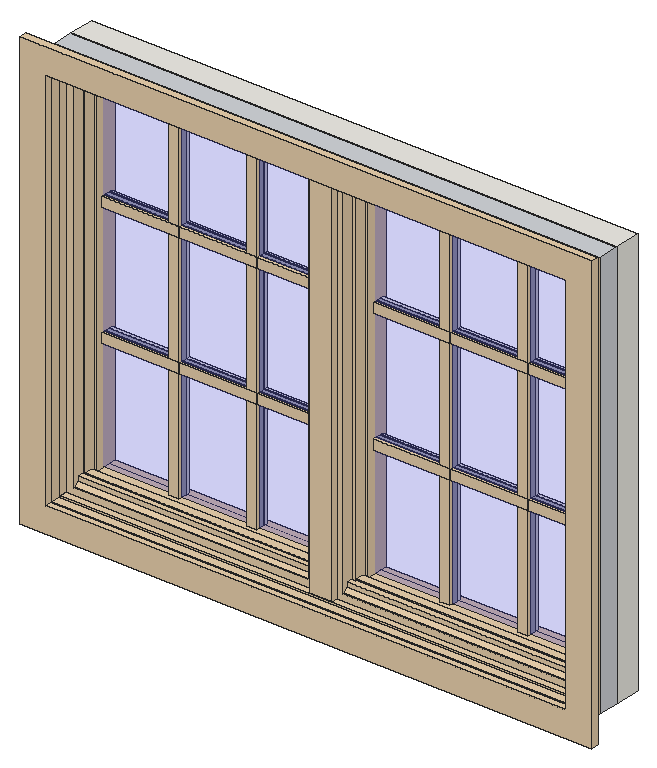
Revit family "1 Window-Casement-Andersen-400_Series_Twin", category Windows, host Wall, Revit 2014
Parameters
  XPanelWidth = (Width / 2) - 0' 0 107/128"  # 1' - 11 21/128"
  XPanelHeight = Height - 0' 1 1/8"  # 2' - 10 7/8"
  Visual Light Transmittance = 0.48  # constant formula
  Thermal Resistance (R) = 0.62871  # 3.5700 (h·ft²·°F)/BTU
  TFL = if(Fractional Lights High > 5, 3, if(or(Fractional Lights High = 4, Fractional Lights High = 5), 2, if(or(Fractional Lights High = 2, Fractional Lights High = 3), 1, 1)))  # 2
  TFB = TFL - 1  # 1
  Solar Heat Gain Coefficient = 0.21  # constant formula
  Learn About These Parameters = "http://www.andersenwindows.com/for-professionals/cad-symbols-bim-support-window-doors/bim-support"
  LWide = if(Enter Pattern Number = 3, 3, if(Enter Pattern Number = 1, . . Lights Wide, Fractional Lights Wide))  # 3
  Heat Transfer Coefficient (U) = 1.5899  # 0.2800 BTU/(h·ft²·°F)
  Glazing Material = Glass ‐ Andersen - Low-E4 SmartSun
  Fractional Lights Wide = 3
  Fractional Lights High = 5
  Exterior Unit Finish = Vinyl - Andersen - White
  Enter Jamb Condition = 1
  Analytic Construction = "<None>"
  ..Jamb Condition Number 1 = "Extension Jamb Only"  # constant formula
  ..Jamb Condition Number 2 = "Narrow Drywall Return"  # constant formula
  ..Jamb Condition Number 3 = "Wide Drywall Return"  # constant formula
  Available Grille Bar Sizes = "3/4'', 7/8'', 1 1/8'', 2 1/4''"  # constant formula
  Between Glass Grille Bar Sizes = "3/4'', 1''"  # constant formula
  Interior Casing = yes
  Grille Bar Size = 0' - 0 7/8"
  Enter Pattern Number = 1
  ..Pattern Number 1 = "Colonial"  # constant formula
  . . Lights Wide = 3
  . . Lights High = 3
  ..Pattern Number 2 = "Modified Colonial"  # constant formula
  ..Pattern Number 3 = "Prairie"  # constant formula
  ..Pattern Number 4 = "Short Fractional"  # constant formula
  ..Pattern Number 5 = "Tall Fractional"  # constant formula
  Extension Jamb = yes
  Enter Exterior Trim Number = 0
  ..Exterior Trim Number 0 = "No Exterior Trim"  # constant formula
  ..Exterior Trim Number 1 = "Brick Mould"  # constant formula
  ..Exterior Trim Number 2 = "3 1/2'' Flat Casing"  # constant formula
  ..Exterior Trim Number 3 = "4 1/2'' Flat Casing"  # constant formula
  Interior Grille Bar = yes
  Exterior Grille Bar = yes
  Between Glass Grille Bar = yes
  xjamb Visibility [instance] = and(and(Enter Jamb Condition = 1, Wall Depth > 0' 2 7/8"), Extension Jamb)  # yes
  xjamb S1 [instance] = if(Wall Depth > 0' 3", Wall Depth - 0' 2 27/32", 0' 3")  # 0' - 1 23/32"
  sill nose1 = 0' - 1 13/16"  # constant formula
  sill nose 2 = 0' - 1 15/16"  # constant formula
  casingS2 = if(Enter Exterior Trim Number = 1, 0' 0 3/16", 0' 0 3/16")  # 0' - 0 3/16"
  casingS1 = if(Enter Exterior Trim Number = 1, 0' 0 7/16", 0' 0 3/16")  # 0' - 0 3/16"
  casing4 = if(Enter Exterior Trim Number = 1, 0' 1 3/4", if(Enter Exterior Trim Number = 2, 0' 3 1/4", 0' 4 1/4"))  # 0' - 4 1/4"
  casing3 = 0' - 0 1/2"  # constant formula
  casing2 = 0' - 0 7/8"  # constant formula
  casing1 = 0' - 0 1/4"  # constant formula
  Xjamb 2 = if(or(Enter Jamb Condition = 2, Enter Jamb Condition = 3), 0' 0 1/32", 0' 0 1/2")  # 0' - 0 1/2"
  Xjamb 1 = if(or(Enter Jamb Condition = 2, Enter Jamb Condition = 3), 0' 0 5/8", 0' 1 3/32")  # 0' - 1 3/32"
  Wall Thickness [instance] = 0' - 6"
  Wall Depth [instance] = 0' - 4 9/16"
  Void Offset 2 = if(Enter Exterior Trim Number > 0, 0' 1 15/16", 0' 0")  # 0' - 0"
  Void Offset 1 = if(Enter Exterior Trim Number > 0, casing4, 0' 0")  # 0' - 0"
  Void Depth [instance] = if(Wall Thickness > Wall Depth, 0' 1" + Wall Thickness - Wall Depth, 0' 1")  # 0' - 2 7/16"
  VeriLock Sensor [instance] = no
  VGB DLO = if(Enter Pattern Number = 3, 0' 4", (H DLO - (Grille Bar Size * (V Bars))) / if(LWide > 2, LWide, 3))  # 1' - 1.91667"
  V Bars = if(Enter Pattern Number = 3, 2, if(LWide > 2, LWide - 1, 2))  # 2
  URL = "www.andersenwindows.com"
  Type Comments = "Vinyl-clad wood casement window"
  TS V DLO = Height - HGO - SGO  # 2' - 7 3/8"
  TS V Bar Length = if(or(Enter Pattern Number = 5, Enter Pattern Number = 2), ((((Height - HGO - SGO - (Grille Bar Size * (Fractional Lights High - 1))) / Fractional Lights High)) * TFL) + (TFB * Grille Bar Size), if(Enter Pattern Number = 4, ((Height - HGO - SGO - (Grille Bar Size * (Fractional Lights High - 1))) / Fractional Lights High), Height - HGO - SGO))  # 2' - 7 3/8"
  TS SH DLO = if(or(Enter Pattern Number = 5, Enter Pattern Number = 2), ((((Height - HGO - SGO - (Grille Bar Size * (Fractional Lights High - 1))) / Fractional Lights High)) * TFL) + (TFB * Grille Bar Size) + HGO + (Grille Bar Size / 2), if(Enter Pattern Number = 4, TS V Bar Length + HGO + (Grille Bar Size / 2), (TS V DLO / 2) + HGO))  # 1' - 6 1/16"
  TS S V = or(and(LWide = 2, Enter Pattern Number = 1), and(Fractional Lights Wide = 2, or(or(Enter Pattern Number = 2, Enter Pattern Number = 4), Enter Pattern Number = 5)))  # no
  TS S H Craftsman = and(Enter Pattern Number = 2, or(Fractional Lights High = 4, Fractional Lights High = 5))  # no
  TS S H = or(or(or(and(. . Lights High = 2, Enter Pattern Number = 1), and(Enter Pattern Number = 4, Fractional Lights High > 1)), and(Enter Pattern Number = 5, Fractional Lights High > 1)), and(Enter Pattern Number = 2, Fractional Lights High > 1))  # no
  TS M V = LWide > 2  # yes
  TS M H = or(or(Enter Pattern Number = 3, and(. . Lights High > 2, Enter Pattern Number = 1)), and(Enter Pattern Number = 2, Fractional Lights High > 5))  # yes
  TS HGB DLO = if(Enter Pattern Number = 1, if(. . Lights High > 2, ((TS V Bar Length - (Grille Bar Size * (. . Lights High - 1))) / . . Lights High), 0' 4"), if(Enter Pattern Number = 3, 0' 4", if(Fractional Lights High > 2, ((TS V Bar Length - (Grille Bar Size * 2)) / 3), 0' 4")))  # 0' - 9 7/8"
  TS H Bars = if(Enter Pattern Number = 3, 2, if(Enter Pattern Number = 1, if(. . Lights High > 2, . . Lights High - 1, 2), 2))  # 2
  Step Visibility = or(Enter Jamb Condition = 2, Enter Jamb Condition = 3)  # no
  Step Jamb2 = if(Enter Jamb Condition = 2, 0' 0 1/4", 0' 0 13/16")  # 0' - 0 13/16"
  Step Jamb1 = 0' - 1 1/8"  # constant formula
  Sill Stop Dim [instance] = 0' - 2 1/2"
  SGO = 0' - 2 1/4"  # constant formula
  Rough Width = Width + (Rough Opening Offset * 2)  # 4' - 0 1/2"
  Rough Opening Offset = 0' - 0 1/4"
  Rough Height = Height + (Rough Opening Offset * 2)  # 3' - 0 1/2"
  Push Out Stop Visibility [instance] = no
  Product Documentation Link = "https://www.andersenwindows.com/windows-and-doors/windows/casement-windows/400-series-casement-window/"
  Plan Exterior Mask Visibility [instance] = Plan Exterior Mask 2 > 0' 0 1/32"  # yes
  Plan Exterior Mask 2 [instance] = if(Enter Exterior Trim Number > 0, if(Wall Depth + 0' 1 1/16" + casingS1 > Wall Thickness, 0' 0 1/32", Wall Thickness - Wall Depth - 0' 1 1/16" - casingS1), if(Wall Depth + 0' 1 1/16" > Wall Thickness, 0' 0 1/32", Wall Thickness - Wall Depth - 0' 0 1/16"))  # 0' - 1 3/8"
  Plan Exterior Mask [instance] = if(Enter Exterior Trim Number > 0, 0' 1 1/16" + casingS1, 0' 1 1/16")  # 0' - 1 1/16"
  Nail Fin Visibility = Enter Exterior Trim Number = 0  # yes
  Model = "400-Series Casement"  # constant formula
  Masonry Width = if(Enter Exterior Trim Number > 0, Width + ((casing4 + Masonry Opening Offset) * 2), Width + (Masonry Opening Offset * 2))  # 4' - 0 1/2"
  Masonry Opening Offset = 0' - 0 1/4"
  Masonry Height = if(Enter Exterior Trim Number > 0, Height + (casing4 + Masonry Opening Offset) + (sill nose 2 + Masonry Opening Offset), Height + (Masonry Opening Offset * 2))  # 3' - 0 1/2"
  Manufacturer = "Andersen Corporation"  # constant formula
  JGO = 0' - 2 1/4"  # constant formula
  Interior Trim Visibility = and(Enter Jamb Condition = 1, Interior Casing)  # yes
  Interior Material = Wood - Andersen - Pine
  Interior Casing Size = 0' - 2 1/4"
  Horizontal Craftsman Bar Size = 0' - 0 7/8"
  Height = 3' - 0"
  Head Stop Dim [instance] = 0' - 2 17/64"
  HGO = 0' - 2 3/8"  # constant formula
  H DLO = Width - (JGO * 2)  # 3' - 7 1/2"
  Family Version = "01.01.19"  # constant formula
  Exterior Trim Finish = Fibrex Composite - Andersen - White
  Designation = "CMT"
  Description = "Vinyl-clad wood casement window"  # constant formula
  Default Sill Height = 6' 10 1/2" - Rough Height  # 3' - 10"
  Wall Closure = By host
  Width = 4' - 0"
  Crank Out Stop Visibility [instance] = yes
  Coarse Plan [instance] = if(Wall Depth < Wall Thickness, Wall Depth, Wall Thickness)  # 0' - 4 9/16"
  Casing Visibility = Enter Exterior Trim Number > 0  # no
  Between Glass Grille Bar Finish = Stainless Steel - Andersen - Standard
  Bar Center Line = if(Enter Pattern Number = 3, 1, 2)  # 2
  Assembly Code = "B2020100"
Reference planes (in)
  plane 1 "Center (Front/Back)": y = 0
  plane 2: z = 0
  plane 3 "Center (Left/Right)": x = 0
  plane 4 "R Frame": x = -24
  plane 5 "L Frame": x = 24
  plane 6 "B Frame": z = 46.25
  plane 7 "T Frame": z = 82.25
  plane 8 "L Glazing": x = 21.75
  plane 9 "L Ext Frame": x = 23.514
  plane 10 "L Stop": x = 22
  plane 11 "L Xjamb 1": x = 22.90625
  plane 12 "L Casing 1": x = 23.75
  plane 13 "L Xjamb 2": x = 23.5
  plane 14 "L Rough Opening": x = 24.25
  plane 15 "L Casing 2": x = 27.375
  plane 16 "L Casing 3": x = 27.75
  plane 17 "L Casing 4": x = 28.25
  plane 18 "R Glazing": x = -21.75
  plane 19 "R Ext Frame": x = -23.514
  plane 20 "R Stop": x = -22
  plane 21 "R Xjamb 1": x = -22.90625
  plane 22 "R Casing 1": x = -23.75
  plane 23 "R Xjamb 2": x = -23.5
  plane 24 "R Rough Opening": x = -24.25
  plane 25 "R Casing 2": x = -27.375
  plane 26 "R Casing 3": x = -27.75
  plane 27 "R Casing 4": x = -28.25
  plane 28 "R Int Casing": x = -25.15625
  plane 29 "T Ext Frame": z = 81.68689
  plane 30 "T Xjamb 1": z = 81.15625
  plane 31 "T Casing 1": z = 82
  plane 32 "T Xjamb 2": z = 81.75
  plane 33 "T Rough Opening": z = 82.5
  plane 34 "T Casing 2": z = 85.625
  plane 35 "T Casing 3": z = 86
  plane 36 "T Casing 4": z = 86.5
  plane 37 "T Int Casing": z = 83.40625
  plane 38 "B Ext Frame": z = 46.81311
  plane 39 "B Xjamb 2": z = 46.75
  plane 40 "B Casing 1": z = 46.5
  plane 41 "B Casing 2": z = 44.3125
  plane 42 "B Int Casing": z = 44.985
  plane 43 "L Int Casing": x = 25.15625
  plane 44 "Casing S1": y = 3.062
  plane 45 "Casing S2": y = 3.062
  plane 46 "Frame S1": y = 2.8745
  plane 47 "Flange": y = 1.5625
  plane 48 "Sash1 S2": y = 0.5625
  plane 49 "Frame S2": y = -1.2855
  plane 50 "B Xjamb 1": z = 47.235
  plane 51 "Exterior Offset": y = 4
  plane 52 "Interior Casing": y = -3.625
  plane 53 "B Rough Opening": z = 46
  plane 54 "R Masonry Opening": x = -28.5
  plane 55 "L Masonry Opening": x = 28.5
  plane 56 "T Masonry Opening": z = 86.75
  plane 57 "B Masonry Opening": z = 44.0625
  plane 58 "Xjamb S1": y = -1.28125
  plane 59 "R Sash": x = -23.42
  plane 60 "L Sash": x = 23.42
  plane 61 "Stop S1": y = -1.4375
  plane 62 "T Sash": z = 81.5
  plane 63 "T Int Frame": z = 81.14
  plane 64 "B Int Frame": z = 47.235
  plane 65 "L Int Frame": x = 22.891
  plane 66 "R Int Frame": x = -22.891
  plane 67 "T Stop": z = 79.98437
  plane 68 "B Stop": z = 48.75
Forms (in)
  Extrusion 1, void
    sketch origin (0, 0, 0) x (1, 0, 0) y (0, 0, 1)
      loop
        line (24, 82.25) -> (-24, 82.25) -> (-24, 46.25) -> (24, 46.25) -> (24, 82.25)
    from -1.5625 to 3
  Extrusion 2, void
    sketch origin (0, 0, 0) x (1, 0, 0) y (0, 0, 1)
      loop
        line (24, 82.25) -> (-24, 82.25) -> (-24, 46.25) -> (24, 46.25) -> (24, 82.25)
    from -15 to -1.5625
  Extrusion 3, solid, material "Wood - Andersen - Pine" <- "Interior Material", visible <- "xjamb Visibility", detail levels medium+fine
    sketch origin (0, -2.5625, 0) x (-1, 0, 0) y (0, 0, 1)
      loop
        line (23.5, 81.75) -> (-23.5, 81.75) -> (-23.5, 46.75) -> (23.5, 46.75) -> (23.5, 81.75)
      loop
        line (22.90625, 81.15625) -> (-22.90625, 81.15625) -> (-22.90625, 47.235) -> (22.90625, 47.235) -> (22.90625, 81.15625)
    from 1.28125 to -0.4375
  Extrusion 4, solid, material "Wood - Andersen - Pine" <- "Interior Material", visible <- "Interior Trim Visibility", detail levels fine
    sketch origin (0, -3.625, 0) x (-1, 0, 0) y (0, 0, 1)
      loop
        line (25.15625, 83.40625) -> (-25.15625, 83.40625) -> (-25.15625, 44.985) -> (25.15625, 44.985) -> (25.15625, 83.40625)
      loop
        line (22.90625, 81.15625) -> (-22.90625, 81.15625) -> (-22.90625, 47.235) -> (22.90625, 47.235) -> (22.90625, 81.15625)
    from 0 to 0.625
  Extrusion 5, solid, material "Fibrex Composite - Andersen - White" <- "Exterior Trim Finish", visible <- "Casing Visibility", detail levels medium+fine
    sketch origin (0, 0, 0) x (0, 1, 0) y (0, 0, 1)
      loop
        line (2.31163, 46.25) -> (1.5625, 46.25) -> (1.5625, 44.3125) -> (3.375, 44.3125) -> (3.375, 46.0625) -> (2.31163, 46.25)
    from -28.25 to 28.25
  Sweep 6, solid, material "Fibrex Composite - Andersen - White" <- "Exterior Trim Finish", visible <- "Casing Visibility", detail levels medium+fine
    path origin (0, 1.5625, 0) x (-1, 0, 0) y (0, 0, 1)
      loop
        line (-28.25, 44.3125) -> (-28.25, 86.5) -> (28.25, 86.5) -> (28.25, 44.3125)
    profile origin (28.25, 1.5625, 65.40625) x (1, 0, 0) y (0, 1, 0)
      loop
        line (-0.875, 1.4995) -> (-4.5, 1.4995) -> (-4.5, 0) -> (0, 0) -> (0, 1.4995) -> (-0.5, 1.4995) -> (-0.875, 1.4995)
  Extrusion 7, solid, material "Fibrex Composite - Andersen - White" <- "Exterior Trim Finish", visible <- "Casing Visibility", detail levels coarse
    sketch origin (0, 1.5625, 0) x (-1, 0, 0) y (0, 0, 1)
      loop
        line (-28.25, 86.5) -> (-28.25, 44.3125) -> (28.25, 44.3125) -> (28.25, 86.5) -> (-28.25, 86.5)
      loop
        line (-23.75, 82) -> (-23.75, 46.25) -> (23.75, 46.25) -> (23.75, 82) -> (-23.75, 82)
    from 0 to 1.4995
  Extrusion 8, solid, material "Vinyl - Andersen - White" <- "Exterior Unit Finish"
    sketch origin (0, 0, 0) x (1, 0, 0) y (0, 0, 1)
      loop
        line (24, 82.25) -> (-24, 82.25) -> (-24, 46.25) -> (24, 46.25) -> (24, 82.25)
      loop
        line (23.514, 81.68689) -> (-23.514, 81.68689) -> (-23.514, 46.81311) -> (23.514, 46.81311) -> (23.514, 81.68689)
    from -2.8745 to -0.5625
  Extrusion 9, solid
    sketch origin (0, 0, 0) x (1, 0, 0) y (0, 0, 1)
      loop
        line (24, 82.25) -> (-24, 82.25) -> (-24, 46.25) -> (24, 46.25) -> (24, 82.25)
      loop
        line (22.891, 81.14) -> (-22.891, 81.14) -> (-22.891, 47.235) -> (22.891, 47.235) -> (22.891, 81.14)
    from -0.5625 to 1.2855
  Extrusion 10, solid, material "Wood - Andersen - Pine" <- "Interior Material"
    sketch origin (0, 0, 0) x (0, 1, 0) y (0, 0, 1)
      loop
        line (-0.4375, 48.75) -> (-0.4375, 48.673) -> (-1.00544, 48.673) -> (-1.00544, 48.26216) -> (-1.2885, 47.922) -> (-1.4375, 47.922) -> (-1.4375, 47.235) -> (0.5625, 47.235) -> (0.5625, 48.47) -> (0.2955, 48.75) -> (-0.4375, 48.75)
    from -22.891 to 22.891
  Extrusion 11, solid, material "Wood - Andersen - Pine" <- "Interior Material"
    sketch origin (0, 0, 0) x (1, 0, 0) y (0, 1, 0)
      loop
        line (-22.891, -1.4375) -> (-22.188, -1.4375) -> (-22.188, -0.4375) -> (-22, -0.4375) -> (-22, 0.5625) -> (-22.891, 0.5625) -> (-22.891, -1.4375)
      loop
        line (22.891, -1.4375) -> (22.891, 0.5625) -> (22, 0.5625) -> (22, -0.4375) -> (22.188, -0.4375) -> (22.188, -1.4375) -> (22.891, -1.4375)
    from 47.235 to 81.14
  Sweep 12, solid, material "Wood - Andersen - Pine" <- "Interior Material"
    path origin (0, 1.5625, 0) x (-1, 0, 0) y (0, 0, 1)
      loop
        line (24, 46.25) -> (24, 82.25) -> (-24, 82.25) -> (-24, 46.25) -> (24, 46.25)
    profile origin (-24, 1.5625, 64.25) x (1, 0, 0) y (0, 1, 0)
      loop
        line (0, -2.848) -> (0, -3.6605) -> (1.09375, -3.6605) -> (1.09375, -2.848) -> (0, -2.848)
  Extrusion 13, solid, material "Wood - Andersen - Pine" <- "Interior Material"
    sketch origin (0, 0, 0) x (0, 1, 0) y (0, 0, 1)
      loop
        line (-1.4375, 81.14) -> (-1.4375, 80.345) -> (-0.4375, 80.345) -> (-0.4375, 79.98437) -> (0.5625, 79.98437) -> (0.5625, 81.14) -> (-1.4375, 81.14)
    from -22.891 to 22.891
  Extrusion 14, solid, material "Vinyl - Andersen - White" <- "Exterior Unit Finish"
    sketch origin (-5.60216, -18.52795, 46.25) x (0, -1, 0) y (1, 0, 0)
      loop
        line (-21.40245, 5.25223) -> (-19.09045, 5.25223) -> (-19.09045, 5.9521) -> (-21.40245, 5.9521) -> (-21.40245, 5.25223)
    from 0.56311 to 35.43689
  Extrusion 15, solid, material "Wood - Andersen - Pine" <- "Interior Material"
    sketch origin (-5.60216, -18.52795, 46.25) x (0, -1, 0) y (1, 0, 0)
      loop
        line (-19.09045, 3.73616) -> (-18.02295, 3.73616) -> (-18.02295, 4.09616) -> (-17.09045, 4.09616) -> (-17.09045, 4.62716) -> (-16.57245, 4.62716) -> (-16.57245, 6.57716) -> (-17.09045, 6.57716) -> (-17.09045, 7.10816) -> (-18.02295, 7.10816) -> (-18.02295, 7.46816) -> (-19.09045, 7.46816) -> (-19.09045, 3.73616)
    from 0.985 to 34.89
Cuts and joins
  joined: Extrusion 5, Sweep 6
  joined: Extrusion 10, Extrusion 11, Sweep 12, Extrusion 13, Extrusion 15
  joined: Extrusion 8, Extrusion 14
Lines and regions (in)
  Masking region 1, detail levels medium+fine
    outline origin (0, 0, 46.81311) x (0, -1, 0) y (1, 0, 0)
      loop
        line (-2.8745, -24) -> (1.2855, -24) -> (1.2855, -22.891) -> (1.4375, -22.891) -> (1.4375, 22.891) -> (1.2855, 22.891) -> (1.2855, 24) -> (-2.8745, 24) -> (-2.8745, -24)
  Masking region 2, visible <- "Casing Visibility", detail levels medium+fine
    outline origin (0, 0, 46.25) x (0, -1, 0) y (1, 0, 0)
      loop
        line (-2.8745, -24) -> (-2.8745, 24) -> (-1.5625, 24) -> (-1.5625, 28.25) -> (-3.062, 28.25) -> (-3.062, -28.25) -> (-1.5625, -28.25) -> (-1.5625, -24) -> (-2.8745, -24)
  Masking region 3, visible <- "Nail Fin Visibility", detail levels coarse
    outline origin (0, 0, 46.25) x (0, -1, 0) y (1, 0, 0)
      loop
        line (-4, -24) -> (3, -24) -> (3, 24) -> (-4, 24) -> (-4, -24)
  Masking region 4
    outline origin (0, 0, 0) x (0, 1, 0) y (0, 0, 1)
      loop
        line (2.8745, 82.25) -> (-1.2855, 82.25) -> (-1.2855, 81.14) -> (-1.4375, 81.14) -> (-1.4375, 47.235) -> (-1.2855, 47.235) -> (-1.2855, 46.25) -> (2.8745, 46.25) -> (2.8745, 82.25)
  Masking region 5, visible <- "Casing Visibility"
    outline origin (0, 0, 0) x (0, 1, 0) y (0, 0, 1)
      loop
        line (2.8745, 46.15075) -> (2.8745, 46.25) -> (1.5625, 46.25) -> (1.5625, 44.3125) -> (3.375, 44.3125) -> (3.375, 46.0625) -> (2.8745, 46.15075)
  Masking region 6, visible <- "Casing Visibility"
    outline origin (0, 0, 0) x (0, 1, 0) y (0, 0, 1)
      loop
        line (2.8745, 82.25) -> (2.8745, 46.15075) -> (3.062, 46.11769) -> (3.062, 86.5) -> (1.5625, 86.5) -> (1.5625, 82.25) -> (2.8745, 82.25)
  Masking region 7, visible <- "Casing Visibility", detail levels coarse
    outline origin (0, 0, 46.25) x (0, -1, 0) y (1, 0, 0)
      loop
        line (-4, -28.25) -> (-1.5625, -28.25) -> (-1.5625, -24) -> (3, -24) -> (3, 24) -> (-1.5625, 24) -> (-1.5625, 28.25) -> (-4, 28.25) -> (-4, -28.25)
  Masking region 8, visible <- "Step Visibility", detail levels medium+fine
    outline origin (0, 0, 0) x (0, 1, 0) y (0, 0, 1)
      loop
        line (-1.28125, 82.25) -> (-2.098, 82.25) -> (-2.098, 46.25) -> (-1.28125, 46.25) -> (-1.28125, 47.235) -> (-1.4375, 47.235) -> (-1.4375, 81.14) -> (-1.28125, 81.14) -> (-1.28125, 82.25)
  Masking region 9, visible <- "xjamb Visibility", detail levels medium+fine
    outline origin (0, 0, 0) x (0, 1, 0) y (0, 0, 1)
      loop
        line (-1.28125, 81.75) -> (-3, 81.75) -> (-3, 46.75) -> (-1.28125, 46.75) -> (-1.28125, 47.235) -> (-1.4375, 47.235) -> (-1.4375, 81.14) -> (-1.28125, 81.14) -> (-1.28125, 81.75)
  Masking region 10, visible <- "Interior Trim Visibility", detail levels fine
    outline origin (0, 0, 0) x (0, 1, 0) y (0, 0, 1)
      loop
        line (-3, 83.40625) -> (-3.625, 83.40625) -> (-3.625, 44.985) -> (-3, 44.985) -> (-3, 83.40625)
  Masking region 11, visible <- "Step Visibility", detail levels medium+fine
    outline origin (0, 0, 46.25) x (0, -1, 0) y (1, 0, 0)
      loop
        line (1.28125, -24) -> (2.098, -24) -> (2.098, 24) -> (1.28125, 24) -> (1.28125, 22.891) -> (1.4375, 22.891) -> (1.4375, -22.891) -> (1.28125, -22.891) -> (1.28125, -24)
  Masking region 12, visible <- "xjamb Visibility", detail levels medium+fine
    outline origin (0, 0, 46.25) x (0, -1, 0) y (1, 0, 0)
      loop
        line (1.28125, -23.5) -> (3, -23.5) -> (3, 23.5) -> (1.28125, 23.5) -> (1.28125, 22.891) -> (1.4375, 22.891) -> (1.4375, -22.891) -> (1.28125, -22.891) -> (1.28125, -23.5)
  Masking region 13, visible <- "Interior Trim Visibility", detail levels fine
    outline origin (0, 0, 46.25) x (0, -1, 0) y (1, 0, 0)
      loop
        line (3, -25.15625) -> (3.625, -25.15625) -> (3.625, 25.15625) -> (3, 25.15625) -> (3, -25.15625)
  symbolic lines, style "WindowsFrameMullionProjection", visible <- "Casing Visibility", detail levels fine
    curve 1: line (27.75, 3.062, 46.25) -> (27.375, 3.062, 46.25)
    curve 2: line (27.375, 3.062, 46.25) -> (23.75, 3.062, 46.25)
    curve 3: line (23.75, 3.062, 46.25) -> (23.75, 2.8745, 46.25)
    curve 4: line (-27.75, 3.062, 46.25) -> (-27.375, 3.062, 46.25)
    curve 5: line (-27.375, 3.062, 46.25) -> (-23.75, 3.062, 46.25)
    curve 6: line (-23.75, 3.062, 46.25) -> (-23.75, 2.8745, 46.25)
  symbolic lines, style "WindowsFrameMullionProjection", detail levels medium
    curve 7: line (-23.514, 2.8745, 46.25) -> (-23.514, 0.5625, 46.25)
    curve 8: line (23.514, 2.8745, 46.25) -> (23.514, 0.5625, 46.25)
    curve 66: line (23.514, 0.5625, 0) -> (22, 0.5625, 0)
    curve 67: line (22, 0.5625, 0) -> (22, -1.4375, 0)
    curve 68: line (-23.514, 0.5625, 0) -> (-22, 0.5625, 0)
    curve 69: line (-22, 0.5625, 0) -> (-22, -1.4375, 0)
    curve 379: line (-0.352, 2.8745, 0) -> (0.352, 2.8745, 0)
    curve 380: line (0.352, 2.8745, 0) -> (0.352, 0.5625, 0)
    curve 381: line (0.352, 0.5625, 0) -> (1.866, 0.5625, 0)
    curve 382: line (1.866, 0.5625, 0) -> (1.866, -1.4375, 0)
    curve 383: line (1.866, -1.4375, 0) -> (0.975, -1.4375, 0)
    curve 384: line (0.975, -1.4375, 0) -> (0.975, -1.9555, 0)
    curve 385: line (0.975, -1.9555, 0) -> (-0.975, -1.9555, 0)
    curve 386: line (-0.975, -1.9555, 0) -> (-0.975, -1.4375, 0)
    curve 387: line (-0.975, -1.4375, 0) -> (-1.866, -1.4375, 0)
    curve 388: line (-1.866, -1.4375, 0) -> (-1.866, 0.5625, 0)
    curve 389: line (-1.866, 0.5625, 0) -> (-0.352, 0.5625, 0)
    curve 390: line (-0.352, 0.5625, 0) -> (-0.352, 2.8745, 0)
  symbolic lines, style "WindowsFrameMullionProjection", detail levels coarse
    curve 9: line (-22, -3, 46.25) -> (-22, 4, 46.25)
    curve 10: line (22, -3, 46.25) -> (22, 4, 46.25)
  symbolic lines, style "WindowsGlassProjection", detail levels coarse
    curve 11: line (-22, 0, 46.25) -> (22, 0, 46.25)
    curve 12: line (-22, 1, 46.25) -> (22, 1, 46.25)
  symbolic lines, style "WindowsFrameMullionProjection", visible <- "Casing Visibility"
    curve 13: line (0, 3.062, 86) -> (0, 3.062, 85.625)
    curve 14: line (0, 3.062, 85.625) -> (0, 3.062, 82)
    curve 15: line (0, 3.062, 82) -> (0, 2.8745, 82)
    curve 184: line (-28.25, 3.062, 46.25) -> (-28.25, 1.5625, 46.25)
    curve 186: line (28.25, 3.062, 46.25) -> (28.25, 1.5625, 46.25)
    curve 188: line (0, 3.062, 86.5) -> (0, 1.5625, 86.5)
    curve 190: line (0, 3.062, 44.3125) -> (0, 1.5625, 44.3125)
  symbolic lines, style "WindowsFrameMullionProjection", visible <- "Casing Visibility", detail levels medium
    curve 16: line (-24, 2.8745, 46.25) -> (-24, 3.062, 46.25)
    curve 17: line (24, 3.062, 46.25) -> (24, 2.8745, 46.25)
  symbolic lines, style "WindowsFrameMullionProjection", visible <- "Nail Fin Visibility", detail levels medium+fine
    curve 18: line (-24, 1.5625, 0) -> (-25.5, 1.5625, 0)
    curve 50: line (24, 1.5625, 0) -> (25.5, 1.5625, 0)
  symbolic lines, style "WindowsFrameMullionProjection", detail levels fine
    curve 19: line (-22.891, -1.4375, 0) -> (-22.891, 1.0895, 0)
    curve 20: line (-22, 0.5625, 0) -> (-22, -0.505, 0)
    curve 21: line (-23.19253, 1.0895, 0) -> (-23.31813, 1.9375, 0)
    curve 22: line (-23.03384, 1.3805, 0) -> (-23.03384, 2.0625, 0)
    curve 23: line (-23.34196, 2.0625, 0) -> (-23.42, 2.3755, 0)
    curve 24: line (-23.42, 2.3755, 0) -> (-23.42, 2.5625, 0)
    curve 25: line (-23.42, 2.5625, 0) -> (-22.42814, 2.5625, 0)
    curve 28: line (-22, 0.5625, 0) -> (-21.75, 1.2845, 0)
    curve 40: line (-22.375, 2.3125, 0) -> (-22.375, 1.2845, 0)
    curve 41: line (-22.01883, 2.3125, 0) -> (-21.75, 1.9105, 0)
    curve 46: line (-21.87475, 1.3805, 0) -> (-21.87475, 1.8145, 0)
    curve 51: line (22.891, -1.4375, 0) -> (22.891, 1.0895, 0)
    curve 52: line (22, 0.5625, 0) -> (22, -0.505, 0)
    curve 53: line (23.19253, 1.0895, 0) -> (23.31813, 1.9375, 0)
    curve 54: line (23.03384, 1.3805, 0) -> (23.03384, 2.0625, 0)
    curve 55: line (23.34196, 2.0625, 0) -> (23.42, 2.3755, 0)
    curve 56: line (23.42, 2.3755, 0) -> (23.42, 2.5625, 0)
    curve 57: line (23.42, 2.5625, 0) -> (22.42814, 2.5625, 0)
    curve 60: line (22, 0.5625, 0) -> (21.75, 1.2845, 0)
    curve 61: line (22.375, 2.3125, 0) -> (22.375, 1.2845, 0)
    curve 62: line (22.01883, 2.3125, 0) -> (21.75, 1.9105, 0)
    curve 65: line (21.87475, 1.3805, 0) -> (21.87475, 1.8145, 0)
    curve 84: line (0, 1.8145, 80.01044) -> (0, 1.3805, 80.01044)
    curve 90: line (-22, -0.505, 0) -> (-22.36, -0.505, 0)
    curve 91: line (-22.36, -0.505, 0) -> (-22.36, -1.4375, 0)
    curve 94: line (22, -0.505, 0) -> (22.36, -0.505, 0)
    curve 95: line (22.36, -0.505, 0) -> (22.36, -1.4375, 0)
    curve 109: line (-23.45476, 1.9375, 0) -> (-23.514, 2.3375, 0)
    curve 110: line (-23.31813, 1.9375, 0) -> (-23.45476, 1.9375, 0)
    curve 111: line (-22.6, 0.5625, 0) -> (-22.775, 1.3805, 0)
    curve 112: line (-22.375, 2.3125, 0) -> (-22.01883, 2.3125, 0)
    curve 113: line (-23.34196, 2.0625, 0) -> (-23.03384, 2.0625, 0)
    curve 114: line (-23.03384, 1.3805, 0) -> (-22.775, 1.3805, 0)
    curve 115: line (-22.891, 0.5625, 0) -> (-22, 0.5625, 0)
    curve 116: line (-23.19253, 1.0895, 0) -> (-22.891, 1.0895, 0)
    curve 125: line (23.45476, 1.9375, 0) -> (23.514, 2.3375, 0)
    curve 126: line (23.31813, 1.9375, 0) -> (23.45476, 1.9375, 0)
    curve 127: line (22.6, 0.5625, 0) -> (22.775, 1.3805, 0)
    curve 128: line (22.375, 2.3125, 0) -> (22.01883, 2.3125, 0)
    curve 129: line (23.34196, 2.0625, 0) -> (23.03384, 2.0625, 0)
    curve 130: line (23.03384, 1.3805, 0) -> (22.775, 1.3805, 0)
    curve 131: line (22.891, 0.5625, 0) -> (22, 0.5625, 0)
    curve 132: line (23.19253, 1.0895, 0) -> (22.891, 1.0895, 0)
    curve 133: line (-23.514, 2.3375, 0) -> (-23.514, 2.8745, 0)
    curve 135: line (23.514, 2.3375, 0) -> (23.514, 2.8745, 0)
    curve 136: line (-22.42814, 2.5625, 0) -> (-22.375, 2.3125, 0)
    curve 138: line (22.42814, 2.5625, 0) -> (22.375, 2.3125, 0)
    curve 163: line (0, 1.8145, 48.36456) -> (0, 1.3805, 48.36456)
    curve 261: line (0.975, -1.9555, 0) -> (0.975, 1.0895, 0)
    curve 262: line (1.866, 0.5625, 0) -> (1.866, -0.505, 0)
    curve 263: line (0.67347, 1.0895, 0) -> (0.54787, 1.9375, 0)
    curve 264: line (0.83216, 1.3805, 0) -> (0.83216, 2.0625, 0)
    curve 265: line (0.52404, 2.0625, 0) -> (0.446, 2.3755, 0)
    curve 266: line (0.446, 2.3755, 0) -> (0.446, 2.5625, 0)
    curve 267: line (0.446, 2.5625, 0) -> (1.43786, 2.5625, 0)
    curve 270: line (1.866, 0.5625, 0) -> (2.116, 1.2845, 0)
    curve 271: line (1.491, 2.3125, 0) -> (1.491, 1.2845, 0)
    curve 272: line (1.84717, 2.3125, 0) -> (2.116, 1.9105, 0)
    curve 275: line (1.99125, 1.3805, 0) -> (1.99125, 1.8145, 0)
    curve 276: line (1.866, -0.505, 0) -> (1.506, -0.505, 0)
    curve 277: line (1.506, -0.505, 0) -> (1.506, -1.4375, 0)
    curve 278: line (0.41124, 1.9375, 0) -> (0.352, 2.3375, 0)
    curve 279: line (0.54787, 1.9375, 0) -> (0.41124, 1.9375, 0)
    curve 280: line (1.266, 0.5625, 0) -> (1.091, 1.3805, 0)
    curve 281: line (1.491, 2.3125, 0) -> (1.84717, 2.3125, 0)
    curve 282: line (0.52404, 2.0625, 0) -> (0.83216, 2.0625, 0)
    curve 283: line (0.83216, 1.3805, 0) -> (1.091, 1.3805, 0)
    curve 284: line (0.975, 0.5625, 0) -> (1.866, 0.5625, 0)
    curve 285: line (0.67347, 1.0895, 0) -> (0.975, 1.0895, 0)
    curve 286: line (0.352, 2.3375, 0) -> (0.352, 2.8745, 0)
    curve 287: line (1.43786, 2.5625, 0) -> (1.491, 2.3125, 0)
    curve 288: line (-0.975, -1.9555, 0) -> (-0.975, 1.0895, 0)
    curve 289: line (-1.866, 0.5625, 0) -> (-1.866, -0.505, 0)
    curve 290: line (-0.67347, 1.0895, 0) -> (-0.54787, 1.9375, 0)
    curve 291: line (-0.83216, 1.3805, 0) -> (-0.83216, 2.0625, 0)
    curve 292: line (-0.52404, 2.0625, 0) -> (-0.446, 2.3755, 0)
    curve 293: line (-0.446, 2.3755, 0) -> (-0.446, 2.5625, 0)
    curve 294: line (-0.446, 2.5625, 0) -> (-1.43786, 2.5625, 0)
    curve 297: line (-1.866, 0.5625, 0) -> (-2.116, 1.2845, 0)
    curve 298: line (-1.491, 2.3125, 0) -> (-1.491, 1.2845, 0)
    curve 299: line (-1.84717, 2.3125, 0) -> (-2.116, 1.9105, 0)
    curve 302: line (-1.99125, 1.3805, 0) -> (-1.99125, 1.8145, 0)
    curve 303: line (-1.866, -0.505, 0) -> (-1.506, -0.505, 0)
    curve 304: line (-1.506, -0.505, 0) -> (-1.506, -1.4375, 0)
    curve 305: line (-0.41124, 1.9375, 0) -> (-0.352, 2.3375, 0)
    curve 306: line (-0.54787, 1.9375, 0) -> (-0.41124, 1.9375, 0)
    curve 307: line (-1.266, 0.5625, 0) -> (-1.091, 1.3805, 0)
    curve 308: line (-1.491, 2.3125, 0) -> (-1.84717, 2.3125, 0)
    curve 309: line (-0.52404, 2.0625, 0) -> (-0.83216, 2.0625, 0)
    curve 310: line (-0.83216, 1.3805, 0) -> (-1.091, 1.3805, 0)
    curve 311: line (-0.975, 0.5625, 0) -> (-1.866, 0.5625, 0)
    curve 312: line (-0.67347, 1.0895, 0) -> (-0.975, 1.0895, 0)
    curve 313: line (-0.352, 2.3375, 0) -> (-0.352, 2.8745, 0)
    curve 314: line (-1.43786, 2.5625, 0) -> (-1.491, 2.3125, 0)
    curve 315: line (0.352, 2.8745, 0) -> (-0.352, 2.8745, 0)
    curve 316: line (-0.975, -1.4375, 0) -> (-1.506, -1.4375, 0)
    curve 317: line (1.506, -1.4375, 0) -> (0.975, -1.4375, 0)
    curve 318: line (0.975, -1.9555, 0) -> (-0.975, -1.9555, 0)
    curve 319: line (0.975, -1.268, 0) -> (-0.975, -1.268, 0)
  symbolic lines, style "WindowsGlassProjection", detail levels fine
    curve 26: line (-21.75, 1.9105, 0) -> (-22.375, 1.9105, 0)
    curve 27: line (-21.75, 1.2845, 0) -> (-22.375, 1.2845, 0)
    curve 44: line (-21.75, 1.8145, 0) -> (-22.375, 1.8145, 0)
    curve 45: line (-21.75, 1.3805, 0) -> (-22.375, 1.3805, 0)
    curve 58: line (21.75, 1.9105, 0) -> (22.375, 1.9105, 0)
    curve 59: line (21.75, 1.2845, 0) -> (22.375, 1.2845, 0)
    curve 63: line (21.75, 1.8145, 0) -> (22.375, 1.8145, 0)
    curve 64: line (21.75, 1.3805, 0) -> (22.375, 1.3805, 0)
    curve 82: line (0, 1.8145, 80.364) -> (0, 1.8145, 79.875)
    curve 83: line (0, 1.3805, 80.364) -> (0, 1.3805, 79.875)
    curve 161: line (0, 1.8145, 48.011) -> (0, 1.8145, 48.5)
    curve 162: line (0, 1.3805, 48.011) -> (0, 1.3805, 48.5)
    curve 268: line (2.116, 1.9105, 0) -> (1.491, 1.9105, 0)
    curve 269: line (2.116, 1.2845, 0) -> (1.491, 1.2845, 0)
    curve 273: line (2.116, 1.8145, 0) -> (1.491, 1.8145, 0)
    curve 274: line (2.116, 1.3805, 0) -> (1.491, 1.3805, 0)
    curve 295: line (-2.116, 1.9105, 0) -> (-1.491, 1.9105, 0)
    curve 296: line (-2.116, 1.2845, 0) -> (-1.491, 1.2845, 0)
    curve 300: line (-2.116, 1.8145, 0) -> (-1.491, 1.8145, 0)
    curve 301: line (-2.116, 1.3805, 0) -> (-1.491, 1.3805, 0)
  symbolic lines, style "WindowsFrameMullionProjection", visible <- "Nail Fin Visibility", not visible, detail levels medium+fine
    curve 29: line (-35.18862, 120.69666, 0) -> (-36.68862, 120.69666, 0)
  symbolic lines, style "WindowsFrameMullionProjection", not visible, detail levels fine
    curve 30: line (-34.07962, 117.69666, 0) -> (-34.07962, 120.22366, 0)
    curve 31: line (-33.18862, 119.69666, 0) -> (-33.18862, 118.62916, 0)
    curve 32: line (-34.38115, 120.22366, 0) -> (-34.50674, 121.07166, 0)
    curve 33: line (-34.22246, 120.51466, 0) -> (-34.22246, 121.19666, 0)
    curve 34: line (-34.53058, 121.19666, 0) -> (-34.60862, 121.50966, 0)
    curve 35: line (-34.60862, 121.50966, 0) -> (-34.60862, 121.69666, 0)
    curve 36: line (-34.60862, 121.69666, 0) -> (-33.61676, 121.69666, 0)
    curve 39: line (-33.18862, 119.69666, 0) -> (-32.93862, 120.41866, 0)
    curve 42: line (-33.56362, 121.44666, 0) -> (-33.56362, 120.41866, 0)
    curve 43: line (-33.20744, 121.44666, 0) -> (-32.93862, 121.04466, 0)
    curve 49: line (-33.06337, 120.51466, 0) -> (-33.06337, 120.94866, 0)
    curve 92: line (-33.18862, 118.62916, 0) -> (-33.54862, 118.62916, 0)
    curve 93: line (-33.54862, 118.62916, 0) -> (-33.54862, 117.69666, 0)
    curve 117: line (-34.64338, 121.07166, 0) -> (-34.70262, 121.47166, 0)
    curve 118: line (-34.50674, 121.07166, 0) -> (-34.64338, 121.07166, 0)
    curve 119: line (-33.78862, 119.69666, 0) -> (-33.96362, 120.51466, 0)
    curve 120: line (-33.56362, 121.44666, 0) -> (-33.20744, 121.44666, 0)
    curve 121: line (-34.53058, 121.19666, 0) -> (-34.22246, 121.19666, 0)
    curve 122: line (-34.22246, 120.51466, 0) -> (-33.96362, 120.51466, 0)
    curve 123: line (-34.07962, 119.69666, 0) -> (-33.18862, 119.69666, 0)
    curve 124: line (-34.38115, 120.22366, 0) -> (-34.07962, 120.22366, 0)
    curve 134: line (-34.70262, 121.47166, 0) -> (-34.70262, 122.00866, 0)
    curve 137: line (-33.61676, 121.69666, 0) -> (-33.56362, 121.44666, 0)
    curve 207: line (0, 1.8145, 48.36456) -> (0, 1.3805, 48.36456)
    curve 242: line (0, 1.8145, 80.01044) -> (0, 1.3805, 80.01044)
    curve 320: line (-7.03303, 13.57718, 0) -> (-7.03303, 16.62218, 0)
    curve 321: line (-6.14203, 16.09518, 0) -> (-6.14203, 15.02768, 0)
    curve 322: line (-7.33457, 16.62218, 0) -> (-7.46016, 17.47018, 0)
    curve 323: line (-7.17587, 16.91318, 0) -> (-7.17587, 17.59518, 0)
    curve 324: line (-7.48399, 17.59518, 0) -> (-7.56203, 17.90818, 0)
    curve 325: line (-7.56203, 17.90818, 0) -> (-7.56203, 18.09518, 0)
    curve 326: line (-7.56203, 18.09518, 0) -> (-6.57017, 18.09518, 0)
    curve 329: line (-6.14203, 16.09518, 0) -> (-5.89203, 16.81718, 0)
    curve 330: line (-6.51703, 17.84518, 0) -> (-6.51703, 16.81718, 0)
    curve 331: line (-6.16086, 17.84518, 0) -> (-5.89203, 17.44318, 0)
    curve 334: line (-6.01678, 16.91318, 0) -> (-6.01678, 17.34718, 0)
    curve 335: line (-6.14203, 15.02768, 0) -> (-6.50203, 15.02768, 0)
    curve 336: line (-6.50203, 15.02768, 0) -> (-6.50203, 14.09518, 0)
    curve 337: line (-7.59679, 17.47018, 0) -> (-7.65603, 17.87018, 0)
    curve 338: line (-7.46016, 17.47018, 0) -> (-7.59679, 17.47018, 0)
    curve 339: line (-6.74203, 16.09518, 0) -> (-6.91703, 16.91318, 0)
    curve 340: line (-6.51703, 17.84518, 0) -> (-6.16086, 17.84518, 0)
    curve 341: line (-7.48399, 17.59518, 0) -> (-7.17587, 17.59518, 0)
    curve 342: line (-7.17587, 16.91318, 0) -> (-6.91703, 16.91318, 0)
    curve 343: line (-7.03303, 16.09518, 0) -> (-6.14203, 16.09518, 0)
    curve 344: line (-7.33457, 16.62218, 0) -> (-7.03303, 16.62218, 0)
    curve 345: line (-7.65603, 17.87018, 0) -> (-7.65603, 18.40718, 0)
    curve 346: line (-6.57017, 18.09518, 0) -> (-6.51703, 17.84518, 0)
    curve 347: line (-8.98303, 13.57718, 0) -> (-8.98303, 16.62218, 0)
    curve 348: line (-9.87403, 16.09518, 0) -> (-9.87403, 15.02768, 0)
    curve 349: line (-8.6815, 16.62218, 0) -> (-8.55591, 17.47018, 0)
    curve 350: line (-8.84019, 16.91318, 0) -> (-8.84019, 17.59518, 0)
    curve 351: line (-8.53207, 17.59518, 0) -> (-8.45403, 17.90818, 0)
    curve 352: line (-8.45403, 17.90818, 0) -> (-8.45403, 18.09518, 0)
    curve 353: line (-8.45403, 18.09518, 0) -> (-9.44589, 18.09518, 0)
    curve 356: line (-9.87403, 16.09518, 0) -> (-10.12403, 16.81718, 0)
    curve 357: line (-9.49903, 17.84518, 0) -> (-9.49903, 16.81718, 0)
    curve 358: line (-9.85521, 17.84518, 0) -> (-10.12403, 17.44318, 0)
    curve 361: line (-9.99928, 16.91318, 0) -> (-9.99928, 17.34718, 0)
    curve 362: line (-9.87403, 15.02768, 0) -> (-9.51403, 15.02768, 0)
    curve 363: line (-9.51403, 15.02768, 0) -> (-9.51403, 14.09518, 0)
    curve 364: line (-8.41927, 17.47018, 0) -> (-8.36003, 17.87018, 0)
    curve 365: line (-8.55591, 17.47018, 0) -> (-8.41927, 17.47018, 0)
    curve 366: line (-9.27403, 16.09518, 0) -> (-9.09903, 16.91318, 0)
    curve 367: line (-9.49903, 17.84518, 0) -> (-9.85521, 17.84518, 0)
    curve 368: line (-8.53207, 17.59518, 0) -> (-8.84019, 17.59518, 0)
    curve 369: line (-8.84019, 16.91318, 0) -> (-9.09903, 16.91318, 0)
    curve 370: line (-8.98303, 16.09518, 0) -> (-9.87403, 16.09518, 0)
    curve 371: line (-8.6815, 16.62218, 0) -> (-8.98303, 16.62218, 0)
    curve 372: line (-8.36003, 17.87018, 0) -> (-8.36003, 18.40718, 0)
    curve 373: line (-9.44589, 18.09518, 0) -> (-9.49903, 17.84518, 0)
    curve 374: line (-7.65603, 18.40718, 0) -> (-8.36003, 18.40718, 0)
    curve 375: line (-8.98303, 14.09518, 0) -> (-9.51403, 14.09518, 0)
    curve 376: line (-6.50203, 14.09518, 0) -> (-7.03303, 14.09518, 0)
    curve 377: line (-7.03303, 13.57718, 0) -> (-8.98303, 13.57718, 0)
    curve 378: line (-7.03303, 14.26468, 0) -> (-8.98303, 14.26468, 0)
  symbolic lines, style "WindowsGlassProjection", not visible, detail levels fine
    curve 37: line (-32.93862, 121.04466, 0) -> (-33.56362, 121.04466, 0)
    curve 38: line (-32.93862, 120.41866, 0) -> (-33.56362, 120.41866, 0)
    curve 47: line (-32.93862, 120.94866, 0) -> (-33.56362, 120.94866, 0)
    curve 48: line (-32.93862, 120.51466, 0) -> (-33.56362, 120.51466, 0)
    curve 205: line (0, 1.8145, 48.011) -> (0, 1.8145, 48.5)
    curve 206: line (0, 1.3805, 48.011) -> (0, 1.3805, 48.5)
    curve 240: line (0, 1.8145, 80.364) -> (0, 1.8145, 79.875)
    curve 241: line (0, 1.3805, 80.364) -> (0, 1.3805, 79.875)
    curve 327: line (-5.89203, 17.44318, 0) -> (-6.51703, 17.44318, 0)
    curve 328: line (-5.89203, 16.81718, 0) -> (-6.51703, 16.81718, 0)
    curve 332: line (-5.89203, 17.34718, 0) -> (-6.51703, 17.34718, 0)
    curve 333: line (-5.89203, 16.91318, 0) -> (-6.51703, 16.91318, 0)
    curve 354: line (-10.12403, 17.44318, 0) -> (-9.49903, 17.44318, 0)
    curve 355: line (-10.12403, 16.81718, 0) -> (-9.49903, 16.81718, 0)
    curve 359: line (-10.12403, 17.34718, 0) -> (-9.49903, 17.34718, 0)
    curve 360: line (-10.12403, 16.91318, 0) -> (-9.49903, 16.91318, 0)
  symbolic lines, style "WindowsFrameMullionProjection"
    curve 70: line (0, 1.1115, 81.597) -> (0, 2.63553, 81.597)
    curve 71: line (0, 1.1115, 80.89) -> (0, 1.1115, 81.597)
    curve 72: line (0, -1.4375, 81.14) -> (0, -1.0925, 81.14)
    curve 73: line (0, 0.5625, 79.984) -> (0, -0.4375, 79.984)
    curve 74: line (0, 2.0625, 81.064) -> (0, 1.2185, 81.064)
    curve 75: line (0, 0.5625, 80.89) -> (0, 0.5625, 79.984)
    curve 76: line (0, 1.2845, 80.364) -> (0, 2.2815, 80.364)
    curve 78: line (0, 2.5625, 80.417) -> (0, 2.5625, 81.501)
    curve 79: line (0, 2.5625, 81.501) -> (0, 2.3755, 81.501)
    curve 80: line (0, 2.0625, 81.345) -> (0, 2.0625, 81.064)
    curve 81: line (0, 1.2845, 79.875) -> (0, 0.5625, 80.065)
    curve 85: line (0, 2.2815, 80.364) -> (0, 2.2815, 80.13145)
    curve 86: line (0, 2.2815, 80.13145) -> (0, 1.9105, 79.8812)
    curve 139: line (0, 2.5625, 80.417) -> (0, 2.2815, 80.364)
    curve 140: line (0, 2.3755, 81.501) -> (0, 2.0625, 81.345)
    curve 141: line (0, 1.2185, 81.064) -> (0, 1.2185, 80.8018)
    curve 142: line (0, 1.2185, 80.8018) -> (0, 0.5625, 80.673)
    curve 143: line (0, 2.63553, 81.68689) -> (0, 2.8745, 81.68689)
    curve 144: line (0, 2.63553, 81.68689) -> (0, 2.63553, 81.597)
    curve 145: line (0, 1.1115, 80.89) -> (0, -1.0925, 80.89)
    curve 146: line (0, -1.0925, 81.14) -> (0, -1.0925, 80.89)
    curve 147: line (0, -0.4375, 80.345) -> (0, -0.4375, 79.984)
    curve 148: line (0, -0.4375, 80.345) -> (0, -1.4375, 80.345)
    curve 149: line (0, 1.1115, 46.778) -> (0, 2.63553, 46.778)
    curve 150: line (0, 1.1115, 47.485) -> (0, 1.1115, 46.778)
    curve 151: line (0, -1.4375, 47.235) -> (0, -1.0925, 47.235)
    curve 152: line (0, -1.00544, 48.673) -> (0, -1.00544, 48.26216)
    curve 153: line (0, 2.0625, 47.311) -> (0, 1.2185, 47.311)
    curve 154: line (0, 0.5625, 47.702) -> (0, 0.5625, 48.47)
    curve 155: line (0, 1.2845, 48.011) -> (0, 2.2815, 48.011)
    curve 157: line (0, 2.5625, 47.958) -> (0, 2.5625, 46.874)
    curve 158: line (0, 2.5625, 46.874) -> (0, 2.3755, 46.874)
    curve 159: line (0, 2.0625, 47.03) -> (0, 2.0625, 47.311)
    curve 160: line (0, 1.2845, 48.5) -> (0, 0.5625, 48.375)
    curve 164: line (0, 2.2815, 48.011) -> (0, 2.2815, 48.24355)
    curve 165: line (0, 2.2815, 48.24355) -> (0, 1.9105, 48.4938)
    curve 167: line (0, 2.5625, 47.958) -> (0, 2.2815, 48.011)
    curve 168: line (0, 2.3755, 46.874) -> (0, 2.0625, 47.03)
    curve 169: line (0, 1.2185, 47.311) -> (0, 1.2185, 47.5732)
    curve 170: line (0, 1.2185, 47.5732) -> (0, 0.5625, 47.702)
    curve 171: line (0, 2.63553, 46.68811) -> (0, 2.8745, 46.68811)
    curve 172: line (0, 2.63553, 46.68811) -> (0, 2.63553, 46.778)
    curve 173: line (0, 1.1115, 47.485) -> (0, -1.0925, 47.485)
    curve 174: line (0, -1.0925, 47.235) -> (0, -1.0925, 47.485)
    curve 175: line (0, -1.2885, 47.922) -> (0, -1.00544, 48.26216)
    curve 176: line (0, -1.2885, 47.922) -> (0, -1.4375, 47.922)
    curve 177: line (0, -1.00544, 48.673) -> (0, -0.4375, 48.673)
    curve 178: line (0, -0.4375, 48.673) -> (0, -0.4375, 48.75)
    curve 179: line (0, 0.2955, 48.75) -> (0, -0.4375, 48.75)
    curve 180: line (0, 0.5625, 48.47) -> (0, 0.2955, 48.75)
    curve 181: line (0, 0.5625, 48.377) -> (0, -0.4845, 48.377)
    curve 182: line (0, -0.7345, 48.189) -> (0, -0.7345, 47.485)
    curve 183: line (0, -0.7345, 48.189) -> (0, -0.4845, 48.377)
    curve 185: line (-24, 1.5625, 46.25) -> (-24, -1.2855, 46.25)
    curve 187: line (24, 1.5625, 46.25) -> (24, -1.2855, 46.25)
    curve 189: line (0, 2.8745, 82.25) -> (0, -1.2855, 82.25)
    curve 191: line (0, 2.8745, 46.25) -> (0, -1.2855, 46.25)
  symbolic lines, style "WindowsGlassProjection"
    curve 77: line (0, 1.2845, 79.875) -> (0, 1.2845, 80.364)
    curve 87: line (0, 1.9105, 79.8812) -> (0, 1.9105, 80.364)
    curve 156: line (0, 1.2845, 48.5) -> (0, 1.2845, 48.011)
    curve 166: line (0, 1.9105, 48.4938) -> (0, 1.9105, 48.011)
  symbolic lines, style "WindowsFrameMullionProjection", visible <- "Nail Fin Visibility"
    curve 88: line (0, 1.5625, 83.875) -> (0, 1.5625, 82.25)
    curve 89: line (0, 1.5625, 46.25) -> (0, 1.5625, 44.625)
  symbolic lines, style "InvisibleLines", detail levels coarse
    curve 96: line (-24, -3, 0) -> (24, -3, 0)
  symbolic lines, style "WindowsFrameMullionProjection", visible <- "Step Visibility", detail levels medium+fine
    curve 97: line (0, -1.28125, 81.14) -> (0, -2.098, 81.14)
    curve 100: line (0, -1.28125, 47.235) -> (0, -2.098, 47.235)
    curve 103: line (-22.891, -1.28125, 46.25) -> (-22.891, -2.098, 46.25)
    curve 106: line (22.891, -1.28125, 46.25) -> (22.891, -2.098, 46.25)
  symbolic lines, style "WindowsFrameMullionProjection", visible <- "xjamb Visibility", detail levels medium+fine
    curve 98: line (0, -1.28125, 81.15625) -> (0, -3, 81.15625)
    curve 101: line (0, -1.28125, 47.235) -> (0, -3, 47.235)
    curve 104: line (-22.90625, -1.28125, 46.25) -> (-22.90625, -3, 46.25)
    curve 107: line (22.90625, -1.28125, 46.25) -> (22.90625, -3, 46.25)
  symbolic lines, style "WindowsFrameMullionProjection", visible <- "Interior Trim Visibility", detail levels fine
    curve 99: line (0, -3, 81.15625) -> (0, -3.625, 81.15625)
    curve 102: line (0, -3, 47.235) -> (0, -3.625, 47.235)
    curve 105: line (-22.90625, -3, 46.25) -> (-22.90625, -3.625, 46.25)
    curve 108: line (22.90625, -3, 46.25) -> (22.90625, -3.625, 46.25)
  symbolic lines, style "WindowsFrameMullionProjection", visible <- "Nail Fin Visibility", not visible
    curve 192: line (0, 1.5625, 46.25) -> (0, 1.5625, 44.625)
    curve 246: line (0, 1.5625, 83.875) -> (0, 1.5625, 82.25)
  symbolic lines, style "WindowsFrameMullionProjection", not visible
    curve 193: line (0, 1.1115, 46.778) -> (0, 2.63553, 46.778)
    curve 194: line (0, 1.1115, 47.485) -> (0, 1.1115, 46.778)
    curve 195: line (0, -1.4375, 47.235) -> (0, -1.0925, 47.235)
    curve 196: line (0, -1.00544, 48.673) -> (0, -1.00544, 48.26216)
    curve 197: line (0, 2.0625, 47.311) -> (0, 1.2185, 47.311)
    curve 198: line (0, 0.5625, 47.702) -> (0, 0.5625, 48.47)
    curve 199: line (0, 1.2845, 48.011) -> (0, 2.2815, 48.011)
    curve 201: line (0, 2.5625, 47.958) -> (0, 2.5625, 46.874)
    curve 202: line (0, 2.5625, 46.874) -> (0, 2.3755, 46.874)
    curve 203: line (0, 2.0625, 47.03) -> (0, 2.0625, 47.311)
    curve 204: line (0, 1.2845, 48.5) -> (0, 0.5625, 48.375)
    curve 208: line (0, 2.2815, 48.011) -> (0, 2.2815, 48.24355)
    curve 209: line (0, 2.2815, 48.24355) -> (0, 1.9105, 48.4938)
    curve 211: line (0, 2.5625, 47.958) -> (0, 2.2815, 48.011)
    curve 212: line (0, 2.3755, 46.874) -> (0, 2.0625, 47.03)
    curve 213: line (0, 1.2185, 47.311) -> (0, 1.2185, 47.5732)
    curve 214: line (0, 1.2185, 47.5732) -> (0, 0.5625, 47.702)
    curve 215: line (0, 2.63553, 46.68811) -> (0, 2.8745, 46.68811)
    curve 216: line (0, 2.63553, 46.68811) -> (0, 2.63553, 46.778)
    curve 217: line (0, 1.1115, 47.485) -> (0, -1.0925, 47.485)
    curve 218: line (0, -1.0925, 47.235) -> (0, -1.0925, 47.485)
    curve 219: line (0, -1.2885, 47.922) -> (0, -1.00544, 48.26216)
    curve 220: line (0, -1.2885, 47.922) -> (0, -1.4375, 47.922)
    curve 221: line (0, -1.00544, 48.673) -> (0, -0.4375, 48.673)
    curve 222: line (0, -0.4375, 48.673) -> (0, -0.4375, 48.75)
    curve 223: line (0, 0.2955, 48.75) -> (0, -0.4375, 48.75)
    curve 224: line (0, 0.5625, 48.47) -> (0, 0.2955, 48.75)
    curve 225: line (0, 0.5625, 48.377) -> (0, -0.4845, 48.377)
    curve 226: line (0, -0.7345, 48.189) -> (0, -0.7345, 47.485)
    curve 227: line (0, -0.7345, 48.189) -> (0, -0.4845, 48.377)
    curve 228: line (0, 1.1115, 81.597) -> (0, 2.63553, 81.597)
    curve 229: line (0, 1.1115, 80.89) -> (0, 1.1115, 81.597)
    curve 230: line (0, -1.4375, 81.14) -> (0, -1.0925, 81.14)
    curve 231: line (0, 0.5625, 79.984) -> (0, -0.4375, 79.984)
    curve 232: line (0, 2.0625, 81.064) -> (0, 1.2185, 81.064)
    curve 233: line (0, 0.5625, 80.89) -> (0, 0.5625, 79.984)
    curve 234: line (0, 1.2845, 80.364) -> (0, 2.2815, 80.364)
    curve 236: line (0, 2.5625, 80.417) -> (0, 2.5625, 81.501)
    curve 237: line (0, 2.5625, 81.501) -> (0, 2.3755, 81.501)
    curve 238: line (0, 2.0625, 81.345) -> (0, 2.0625, 81.064)
    curve 239: line (0, 1.2845, 79.875) -> (0, 0.5625, 80.065)
    curve 243: line (0, 2.2815, 80.364) -> (0, 2.2815, 80.13145)
    curve 244: line (0, 2.2815, 80.13145) -> (0, 1.9105, 79.8812)
    curve 247: line (0, 2.5625, 80.417) -> (0, 2.2815, 80.364)
    curve 248: line (0, 2.3755, 81.501) -> (0, 2.0625, 81.345)
    curve 249: line (0, 1.2185, 81.064) -> (0, 1.2185, 80.8018)
    curve 250: line (0, 1.2185, 80.8018) -> (0, 0.5625, 80.673)
    curve 251: line (0, 2.63553, 81.68689) -> (0, 2.8745, 81.68689)
    curve 252: line (0, 2.63553, 81.68689) -> (0, 2.63553, 81.597)
    curve 253: line (0, 1.1115, 80.89) -> (0, -1.0925, 80.89)
    curve 254: line (0, -1.0925, 81.14) -> (0, -1.0925, 80.89)
    curve 255: line (0, -0.4375, 80.345) -> (0, -0.4375, 79.984)
    curve 256: line (0, -0.4375, 80.345) -> (0, -1.4375, 80.345)
  symbolic lines, style "WindowsGlassProjection", not visible
    curve 200: line (0, 1.2845, 48.5) -> (0, 1.2845, 48.011)
    curve 210: line (0, 1.9105, 48.4938) -> (0, 1.9105, 48.011)
    curve 235: line (0, 1.2845, 79.875) -> (0, 1.2845, 80.364)
    curve 245: line (0, 1.9105, 79.8812) -> (0, 1.9105, 80.364)
  symbolic lines, style "Elevation Swing"
    curve 257: line (-23.42, 0, 64.18811) -> (-0.34994, 0, 46.81311)
    curve 258: line (-23.42, 0, 64.18811) -> (-0.34994, 0, 81.68689)
    curve 259: line (23.42, 0, 64.18811) -> (0.34994, 0, 46.81311)
    curve 260: line (23.42, 0, 64.18811) -> (0.34994, 0, 81.68689)
  symbolic lines, style "WindowsFrameMullionProjection", not visible, detail levels medium
    curve 391: line (-8.36003, 18.40718, 0) -> (-7.65603, 18.40718, 0)
    curve 392: line (-7.65603, 18.40718, 0) -> (-7.65603, 16.09518, 0)
    curve 393: line (-7.65603, 16.09518, 0) -> (-6.14203, 16.09518, 0)
    curve 394: line (-6.14203, 16.09518, 0) -> (-6.14203, 14.09518, 0)
    curve 395: line (-6.14203, 14.09518, 0) -> (-7.03303, 14.09518, 0)
    curve 396: line (-7.03303, 14.09518, 0) -> (-7.03303, 13.57718, 0)
    curve 397: line (-7.03303, 13.57718, 0) -> (-8.98303, 13.57718, 0)
    curve 398: line (-8.98303, 13.57718, 0) -> (-8.98303, 14.09518, 0)
    curve 399: line (-8.98303, 14.09518, 0) -> (-9.87403, 14.09518, 0)
    curve 400: line (-9.87403, 14.09518, 0) -> (-9.87403, 16.09518, 0)
    curve 401: line (-9.87403, 16.09518, 0) -> (-8.36003, 16.09518, 0)
    curve 402: line (-8.36003, 16.09518, 0) -> (-8.36003, 18.40718, 0)
Text (in)
  text "EXTERIOR" at (-58.6888, 50.90694, 0), in view "Ref. Level"
  text "INTERIOR" at (-58.6888, -37.76638, 0), in view "Ref. Level"
  text "Exterior" at (0, 43.65631, 123.19604), in view "Left"
  text "Exterior" at (0, 18.29385, 125.04747), in view "Right"
Dimensions and locks (in)
  equal spacing: plane 4 "R Frame", plane 3 "Center (Left/Right)", plane 5 "L Frame"
  "Width": plane 4 "R Frame" to plane 5 "L Frame"
  "Height": plane 6 "B Frame" to plane 7 "T Frame"
  locked: plane 46 "Frame S1" to plane 47 "Flange" at 1.312
  locked: plane 47 "Flange" to plane 48 "Sash1 S2" at 1
  locked: plane 47 "Flange" to plane 49 "Frame S2" at 2.848
  "casingS2": plane 45 "Casing S2" to plane 46 "Frame S1"
  "casingS1": plane 44 "Casing S1" to plane 46 "Frame S1"
  "Xjamb 2": plane 32 "T Xjamb 2" to plane 7 "T Frame"
  "casing1": plane 31 "T Casing 1" to plane 7 "T Frame"
  "Xjamb 1": plane 30 "T Xjamb 1" to plane 7 "T Frame"
  plane 29 "T Ext Frame" to plane 7 "T Frame" = 0' - 0.56311"
  "Rough Opening Offset": plane 7 "T Frame" to plane 33 "T Rough Opening"
  "casing4": plane 7 "T Frame" to plane 36 "T Casing 4"
  "Xjamb 2": plane 6 "B Frame" to plane 39 "B Xjamb 2"
  locked: plane 6 "B Frame" to plane 40 "B Casing 1" at 0.25
  locked: plane 6 "B Frame" to plane 50 "B Xjamb 1" at 0.985
  locked: plane 6 "B Frame" to plane 38 "B Ext Frame" at 0.56311
  "sill nose 2": plane 41 "B Casing 2" to plane 6 "B Frame"
  "casing4": plane 5 "L Frame" to plane 17 "L Casing 4"
  "casing4": plane 27 "R Casing 4" to plane 4 "R Frame"
  "casing3": plane 35 "T Casing 3" to plane 36 "T Casing 4"
  "casing2": plane 34 "T Casing 2" to plane 36 "T Casing 4"
  "casing3": plane 27 "R Casing 4" to plane 26 "R Casing 3"
  "casing2": plane 27 "R Casing 4" to plane 25 "R Casing 2"
  "casing1": plane 4 "R Frame" to plane 22 "R Casing 1"
  "casing1": plane 12 "L Casing 1" to plane 5 "L Frame"
  "casing3": plane 16 "L Casing 3" to plane 17 "L Casing 4"
  "casing2": plane 15 "L Casing 2" to plane 17 "L Casing 4"
  locked: plane 51 "Exterior Offset" to host wall at 1
  "Void Offset 1": plane 7 "T Frame" to Extrusion 2 sketch curve
  "Void Offset 1": Extrusion 2 sketch curve to plane 4 "R Frame"
  "Void Offset 1": plane 5 "L Frame" to Extrusion 2 sketch curve
  "Void Offset 2": Extrusion 2 sketch curve to plane 6 "B Frame"
  "Interior Casing Size": plane 28 "R Int Casing" to plane 21 "R Xjamb 1"
  "Interior Casing Size": plane 11 "L Xjamb 1" to plane 43 "L Int Casing"
  "Interior Casing Size": plane 30 "T Xjamb 1" to plane 37 "T Int Casing"
  "Interior Casing Size": plane 42 "B Int Casing" to plane 50 "B Xjamb 1"
  "Xjamb 1": plane 4 "R Frame" to plane 21 "R Xjamb 1"
  locked: plane 4 "R Frame" to plane 20 "R Stop" at 2
  locked: plane 4 "R Frame" to plane 19 "R Ext Frame" at 0.486
  "JGO": plane 4 "R Frame" to plane 18 "R Glazing"
  locked: plane 10 "L Stop" to plane 5 "L Frame" at 2
  locked: plane 9 "L Ext Frame" to plane 5 "L Frame" at 0.486
  "JGO": plane 8 "L Glazing" to plane 5 "L Frame"
  "Xjamb 1": plane 11 "L Xjamb 1" to plane 5 "L Frame"
  "Wall Thickness": host wall to host wall
  locked: plane 1 "Center (Front/Back)" to curve 12 at 1
  "sill nose1": Masking region 5 sketch curve to plane 47 "Flange"
  locked: level to plane 7 "T Frame" at 82.25
  "Rough Opening Offset": plane 53 "B Rough Opening" to plane 6 "B Frame"
  "Masonry Opening Offset": plane 54 "R Masonry Opening" to plane 27 "R Casing 4"
  "Masonry Opening Offset": plane 17 "L Casing 4" to plane 55 "L Masonry Opening"
  "Masonry Opening Offset": plane 36 "T Casing 4" to plane 56 "T Masonry Opening"
  "Masonry Opening Offset": plane 57 "B Masonry Opening" to plane 41 "B Casing 2"
  "sill nose1": Extrusion 5 sketch curve to plane 47 "Flange"
  "Void Depth": plane 51 "Exterior Offset" to Extrusion 2
  "Wall Depth": host wall to plane 47 "Flange"
  "Void Depth": plane 51 "Exterior Offset" to Masking region 7 sketch curve  (x2)
